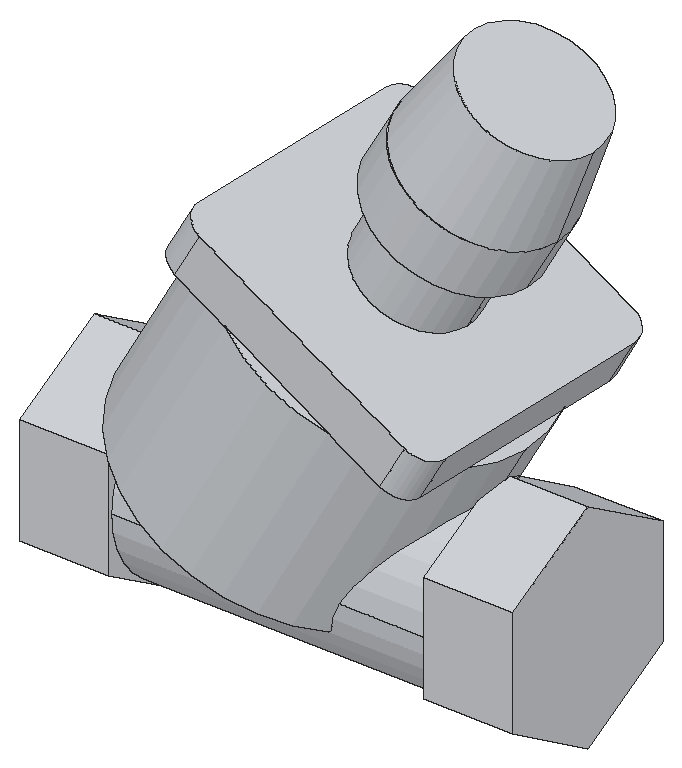
Revit family "OPTIMA_Compact_FF_DN25_5,5_RFA_2018", category Pipe Accessories, Revit 2018
Family settings
  Round Connector Dimension = Use Diameter
  Part Type = Valve - Breaks Into
  Work Plane-Based = No
  Always vertical = Yes
  Cut with Voids When Loaded = No
  Shared = No
Parameters (values of type "OPTIMA Compact DN25 F-F 5.5mm")
  magiProductId = "a6a3417af38f4ebebee56b059e5e27"
  magiProductFamilyId = "52eeb9fa0c9d42c987a78ea14b42d3"
  magiPartTypeId = 304
  isMeasuringValve [instance] = no
  ang2D [instance] = 0.00°
  Z = 0 mm
  X = 13 mm
  W2D = 32 mm
  VersionID = "2.0/2018.8.28.1/FRESE_OPTIMA-COMPACT-FF_001"
  Use Minimum Symbol Size [instance] = yes
  URL = "www.hydronix.cz"
  Type Comments = "vnitřní závit; PN25; 0~120°C, bez měřicích vsuvek"
  R9 = 8 mm
  R8 = 14 mm
  R7 = 17 mm
  R6 = 12 mm
  R5 = 5 mm
  R4 = 29 mm
  R3 = 31.5 mm
  R2 = 18.5 mm
  R1 = 22 mm
  QmdConnectorList = "301;D;302;D"
  Productdata [instance] = ""
  PLG0 = no
  Manufacturer = "Hydronix"
  MC Product Code = "53-1353  (1\" F-F; 5.5mm; Qmin-dpmin 600l/h-17.3kPa; Qmax-dpmin 3609l/h-23.0Pa; dpmax 800kPa)"
  MC Piping Given Pressure Drop [instance] = 0.0 Pa
  LL = 50 mm
  L3 = 12.5 mm
  L2D_Min = 3048 mm
  L2D = 104 mm
  L2 = 64 mm
  L1__ve = -L1  # -18 mm
  L1 = 18 mm
  H6__ve = -H6  # -64 mm
  H6 = 64 mm
  H5 = 20 mm
  H4 = 12 mm
  H3 = 16 mm
  H2 = 10 mm
  H1 = 43 mm
  Description = "Tlakově nezávislý 2-cestný regulační vyvažovací ventil (PICV)"
  D = 25 mm
  CenSd_R1_6 = R1 * cos(30.00°)  # 19.053 mm
  A = 30.00°
Types (6, lengths in mm): name | magiProductId | Z | X | R4 | R3 | R2 | R1 | MC Product Code | LL | L3 | L2 | L1__ve | L1 | H6__ve | H6 | H3 | H2 | H1 | D | CenSd_R1_6
  OPTIMA Compact DN32 F-F 5.5mm | "b339906595e54d959f7e36e14a5078" | 1 | 13 | 29 | 31.5 | 22 | 26 | "53-1354  (5/4\" F-F; 5.5mm; Qmin-dpmin 550l/h-17.9kPa; Qmax-dpmin 4001l/h-28.0kPa; dpmax 800kPa)" | 52 | 12.5 | 66.56 | -18.72 | 18.72 | -68 | 68 | 16 | 10 | 46 | 32 | 22.517
  OPTIMA Compact DN15 F-F 2.5mm | "1f59e983221c4705b905dca277ac1b" | 0 | 7 | 19 | 19 | 12 | 15 | "53-1344  (1/2\" F-F; 2.5mm; Qmin-dpmin 100l/h-14.9kPa; Qmax-dpmin 575l/h-18.5kPa; dpmax 800kPa)" | 37.5 | 11 | 48 | -13.5 | 13.5 | -57 | 57 | 18 | 8 | 26 | 15 | 12.99
  OPTIMA Compact DN15 F-F 5.0mm | "ed735bb751334d9b9367ccb2001bd8" | 0 | 7 | 19 | 19 | 12 | 15 | "53-1345  (1/2\" F-F; 5.0mm; Qmin-dpmin 220l/h-16.0kPa; Qmax-dpmin 1330l/h-21.6Pa; dpmax 800kPa)" | 37.5 | 11 | 48 | -13.5 | 13.5 | -57 | 57 | 18 | 8 | 26 | 15 | 12.99
  OPTIMA Compact DN20 F-F 5.0mm | "3fe8f468b8a34e8b9375925b2f5228" | 0 | 10 | 19 | 19 | 13.5 | 17.5 | "53-1348  (3/4\" F-F; 5.0mm; Qmin-dpmin 220l/h-16.0kPa; Qmax-dpmin 1330l/h-21.6Pa; dpmax 800kPa)" | 39.5 | 11 | 50.56 | -14.22 | 14.22 | -59.5 | 59.5 | 18 | 8 | 26 | 20 | 15.155
  OPTIMA Compact DN20 F-F 5.5mm | "3f04956b0a9346f48e327241883a91" | 0 | 10 | 19 | 19 | 13.5 | 17.5 | "53-1318  (3/4\" F-F; 5.5mm; Qmin-dpmin 300l/h-17.8kPa; Qmax-dpmin 1800l/h-40.0Pa; dpmax 800kPa)" | 39.5 | 11 | 50.56 | -14.22 | 14.22 | -59.5 | 59.5 | 18 | 8 | 26 | 20 | 15.155
  OPTIMA Compact DN25 F-F 5.5mm | "a6a3417af38f4ebebee56b059e5e27" | 0 | 13 | 29 | 31.5 | 18.5 | 22 | "53-1353  (1\" F-F; 5.5mm; Qmin-dpmin 600l/h-17.3kPa; Qmax-dpmin 3609l/h-23.0Pa; dpmax 800kPa)" | 50 | 12.5 | 64 | -18 | 18 | -64 | 64 | 16 | 10 | 43 | 25 | 19.053
Reference planes
  plane 1 "Center (Front/Back)": y = 0
  plane 2 "XYPLANE": z = 0
  plane 3 "Center (Left/Right)": x = 0
  plane 4 "267": x = 12.5
  plane 5 "266": x = -12.5
  plane 6 "252": through (-599.019, 0, 462.469) normal (0.5, 0, 0.866)
  plane 7 "250": through (-609.019, 0, 445.148) normal (0.5, 0, 0.866)
  plane 8 "248": through (-615.019, 0, 434.756) normal (0.5, 0, 0.866)
  plane 9 "245": through (-623.019, 0, 420.899) normal (0.5, 0, 0.866)
  plane 10 "241": through (338.627, 0, 670.519) normal (0.866, 0, -0.5)
  plane 11 "240": through (388.856, 0, 641.519) normal (0.866, 0, -0.5)
  plane 12 "239": y = -29
  plane 13 "238": y = 29
  plane 14 "237": through (-628.019, 0, 412.239) normal (0.5, 0, 0.866)
  plane 15 "235": through (-649.519, 0, 375) normal (0.5, 0, 0.866)
  plane 16 "231": y = 0
  plane 17 "230": through (363.742, 0, 656.019) normal (0.866, 0, -0.5)
  plane 18 "211": x = -32
  plane 19 "204": x = 50
  plane 20 "203": x = -50
  plane 21 "202": x = 0
  plane 22 "201": z = 0
  plane 23 "200": y = 0
  plane 24 "227XY": through (-649.519, 0, 375) normal (0.5, 0, 0.866)
  plane 25 "227XZ": y = 0
  plane 26 "227YZ": through (375, 0, 649.519) normal (0.866, 0, -0.5)
Forms (mm)
  Extrusion 1, solid
    sketch origin (50, -750, 0) x (0, 1, 0) y (0, 0, 1)
      loop
        line (750, 22) -> (730.947, 11) -> (730.947, -11) -> (750, -22) -> (769.053, -11) -> (769.053, 11) -> (750, 22)
    from 0 to -18 <- "L1__ve"
  Extrusion 2, solid
    sketch origin (-50, -750, 0) x (0, 1, 0) y (0, 0, 1)
      loop
        line (750, 22) -> (730.947, 11) -> (730.947, -11) -> (750, -22) -> (769.053, -11) -> (769.053, 11) -> (750, 22)
    from 0 to 18 <- "L1"
  Extrusion 3, solid, visible <- "PLG0"
    sketch origin (-750, 0, 0) x (1, 0, 0) y (0, 1, 0)
      loop
        circle (762.5, 0) r 8
    from 0 to -64 <- "H6__ve"
  Extrusion 4, solid, visible <- "PLG0"
    sketch origin (-750, 0, 0) x (1, 0, 0) y (0, 1, 0)
      loop
        circle (737.5, 0) r 8
    from 0 to -64 <- "H6__ve"
  Blend 5, solid
    base sketch origin (-609.019, 0, 445.148) x (0.866025, 0, -0.5) y (0, 1, 0)
      loop
        circle (737, 0) r 17
    top sketch origin (-609.019, 0, 445.148) x (0.866025, 0, -0.5) y (0, 1, 0)
      loop
        circle (737, 0) r 14
    from 0 to 20
  Extrusion 6, solid
    sketch origin (-615.019, 0, 434.756) x (0.866025, 0, -0.5) y (0, 1, 0)
      loop
        circle (737, 0) r 17
    from 0 to 12 <- "H4"
  Extrusion 7, solid
    sketch origin (-623.019, 0, 420.899) x (0.866025, 0, -0.5) y (0, 1, 0)
      loop
        circle (737, 0) r 12
    from 0 to 16 <- "H3"
  Extrusion 8, solid
    sketch origin (-628.019, 0, 412.239) x (0.866025, 0, -0.5) y (0, 1, 0)
      loop
        arc (713, 29) -> (709.464, 27.536) -> (708, 24) r 5
        line (708, 24) -> (708, -24)
        arc (708, -24) -> (709.464, -27.536) -> (713, -29) r 5
        line (713, -29) -> (761, -29)
        arc (761, -29) -> (764.536, -27.536) -> (766, -24) r 5
        line (766, -24) -> (766, 24)
        arc (766, 24) -> (764.536, 27.536) -> (761, 29) r 5
        line (761, 29) -> (713, 29)
    from 0 to 10 <- "H2"
  Extrusion 9, solid
    sketch origin (-649.519, 0, 375) x (0.866025, 0, -0.5) y (0, 1, 0)
      loop
        circle (737, 0) r 31.5
    from 0 to 43 <- "H1"
  Extrusion 10, solid
    sketch origin (-32, -750, 0) x (0, 1, 0) y (0, 0, 1)
      loop
        circle (750, 0) r 18.5
    from 0 to 64 <- "L2"
  Extrusion 11, solid, not visible
    sketch origin (50, -750, 0) x (0, 1, 0) y (0, 0, 1)
      loop
        circle (750, 0) r 10
    from 0 to -10
  Extrusion 12, solid, not visible
    sketch origin (-50, -750, 0) x (0, 1, 0) y (0, 0, 1)
      loop
        circle (750, 0) r 10
    from 0 to 10
Lines and regions (mm)
  reference lines, not visible
    curve 1: circle (2, 2, 0) r 1 normal (0, 0, 1)
  reference lines
    curve 2: line (50, 0, 0) -> (50, -11.258, -6.5)
    curve 3: line (50, 0, 0) -> (50, 0, -13)
    curve 4: line (50, 0, 0) -> (50, 11.258, -6.5)
    curve 5: line (-50, 0, 0) -> (-50, 11.258, -6.5)
    curve 6: line (-50, 0, 0) -> (-50, 0, -13)
    curve 7: line (-50, 0, 0) -> (-50, -11.258, -6.5)
Dimensions and locks
  plane 1 "Center (Front/Back)" to curve 1 = 2 mm
  "L3": plane 3 "Center (Left/Right)" to plane 4 "267"
  "L3": plane 3 "Center (Left/Right)" to plane 5 "266"
  "H5": plane 7 "250" to plane 6 "252"
  "H4": plane 8 "248" to plane 7 "250"
  "H3": plane 9 "245" to plane 8 "248"
  "H2": plane 14 "237" to plane 9 "245"
  "R4": plane 17 "230" to plane 10 "241"
  "R4": plane 17 "230" to plane 11 "240"
  "R4": plane 23 "200" to plane 12 "239"
  "R4": plane 23 "200" to plane 13 "238"
  "H1": plane 15 "235" to plane 14 "237"
  "Z": plane 24 "227XY" to plane 15 "235"
  locked: plane 23 "200" to plane 16 "231"
  "X": plane 26 "227YZ" to plane 17 "230"
  "L1": plane 20 "203" to plane 18 "211"
  "LL": plane 3 "Center (Left/Right)" to plane 19 "204"
  "LL": plane 3 "Center (Left/Right)" to plane 20 "203"
  locked: plane 3 "Center (Left/Right)" to plane 21 "202"
  locked: plane 2 "XYPLANE" to plane 22 "201"
  locked: plane 1 "Center (Front/Back)" to plane 23 "200"
  "CenSd_R1_6": curve 2 to Extrusion 1 sketch curve  (x2)
  "CenSd_R1_6": curve 3 to Extrusion 1 sketch curve  (x2)
  "CenSd_R1_6": curve 4 to Extrusion 1 sketch curve  (x2)
  Extrusion 1 sketch curve to Extrusion 1 sketch curve = 0 mm  (x12)
  "CenSd_R1_6": curve 5 to Extrusion 2 sketch curve  (x2)
  "CenSd_R1_6": curve 6 to Extrusion 2 sketch curve  (x2)
  "CenSd_R1_6": curve 7 to Extrusion 2 sketch curve  (x2)
  Extrusion 2 sketch curve to Extrusion 2 sketch curve = 0 mm  (x12)
  Extrusion 8 sketch curve to Extrusion 8 sketch curve = 0 mm  (x16)
  "R9": radius of Extrusion 3 sketch curve
  "R9": radius of Extrusion 4 sketch curve
  "R8": radius of Blend 5 sketch curve
  "R7": radius of Blend 5 sketch curve
  "R7": radius of Extrusion 6 sketch curve
  "R6": radius of Extrusion 7 sketch curve
  "R5": radius of Extrusion 8 sketch curve  (x4)
  "R3": radius of Extrusion 9 sketch curve
  "R2": radius of Extrusion 10 sketch curve
  locked: curve 3 to curve 2 (angle 60.00°)
  locked: curve 4 to curve 3 (angle 60.00°)
  locked: curve 4 to curve 2 (angle 120.00°)
  locked: curve 6 to curve 5 (angle 60.00°)
  locked: curve 7 to curve 6 (angle 60.00°)
  locked: curve 7 to curve 5 (angle 120.00°)
  aligned and locked: level to plane 2 "XYPLANE"
  aligned and locked: plane 22 "201" to curve 4
  aligned and locked: curve 4 to plane 23 "200"
  aligned and locked: plane 22 "201" to curve 7
  aligned and locked: curve 7 to plane 23 "200"
  aligned and locked: plane 4 "267" to Extrusion 3 sketch curve
  aligned and locked: plane 23 "200" to Extrusion 3 sketch curve
  aligned and locked: plane 5 "266" to Extrusion 4 sketch curve
  aligned and locked: plane 23 "200" to Extrusion 4 sketch curve
  aligned and locked: plane 16 "231" to Blend 5 sketch curve  (x2)
  aligned and locked: Blend 5 sketch curve to plane 17 "230"  (x2)
  aligned and locked: plane 6 "252" to Blend 5
  aligned and locked: plane 16 "231" to Extrusion 6 sketch curve
  aligned and locked: Extrusion 6 sketch curve to plane 17 "230"
  aligned and locked: plane 16 "231" to Extrusion 7 sketch curve
  aligned and locked: Extrusion 7 sketch curve to plane 17 "230"
  aligned and locked: Extrusion 8 sketch curve to plane 10 "241"
  aligned and locked: Extrusion 8 sketch curve to plane 12 "239"
  aligned and locked: Extrusion 8 sketch curve to plane 11 "240"
  aligned and locked: plane 13 "238" to Extrusion 8 sketch curve
  aligned and locked: plane 16 "231" to Extrusion 9 sketch curve
  aligned and locked: Extrusion 9 sketch curve to plane 17 "230"
  aligned and locked: plane 22 "201" to Extrusion 10 sketch curve
  aligned and locked: Extrusion 10 sketch curve to plane 23 "200"
  aligned and locked: plane 22 "201" to Extrusion 11 sketch curve
  aligned and locked: Extrusion 11 sketch curve to plane 23 "200"
  aligned and locked: plane 22 "201" to Extrusion 12 sketch curve
  aligned and locked: Extrusion 12 sketch curve to plane 23 "200"
Automatic sketch dimensions
  plane 1 "Center (Front/Back)" to Extrusion 11 sketch curve = 10 mm
  plane 1 "Center (Front/Back)" to Extrusion 12 sketch curve = 10 mm
  plane 3 "Center (Left/Right)" to curve 1 = 2 mm
  radius of curve 1 = 1 mm
Connectors
  piping at (-50, 0, 0), diameter 25, driven by "D"
    settings: on Extrusion 12, index 1, connector inside diameter 609.6 mm, connector length 0 mm, flow factor 0, pipe flow 0.0 L/s, pressure drop 0.0 Pa, fitting loss kfactor 0, connector angle 0.00°, fixture units 0, engagement length 0 mm, angle of deflection 0.00°, flow configuration 0, flow direction 0, fitting loss method 0, system type 29, joint type 0, gender type 0, connector reference index 2, connector utility 0, adjustable connector no, is connector primary yes, connector description ""
  piping at (50, 0, 0), diameter 25, driven by "D"
    settings: on Extrusion 11, index 2, connector inside diameter 609.6 mm, connector length 0 mm, flow factor 0, pipe flow 0.0 L/s, pressure drop 0.0 Pa, fitting loss kfactor 0, connector angle 0.00°, fixture units 0, engagement length 0 mm, angle of deflection 0.00°, flow configuration 0, flow direction 0, fitting loss method 0, system type 29, joint type 0, gender type 0, connector reference index 1, connector utility 0, adjustable connector no, is connector primary no, connector description ""
